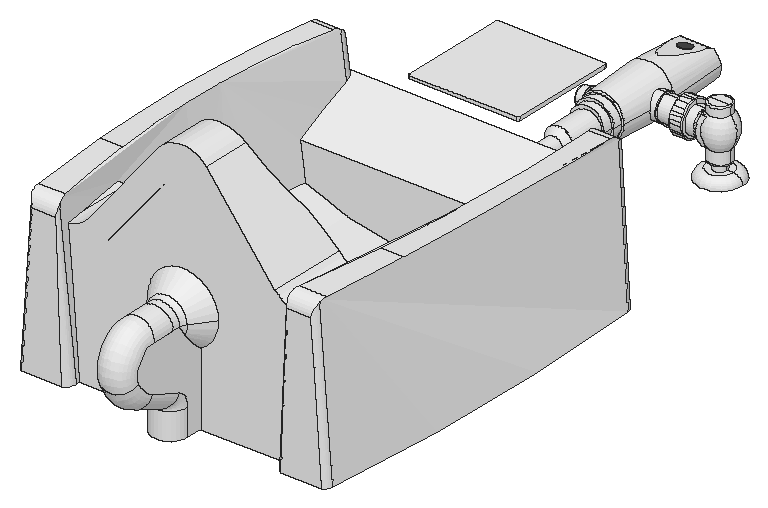
Revit family "Urinal_System-Top_Spud-American_Standard-Washbrook-6501_Series", category Plumbing Fixtures, host Face, Revit 2018 (continued)
Definition of nested family "Flush_Valve-Urinal_Exposed-American_Standard-Selectronic-6062.101"
  Lines and regions (in)
    symbolic lines, detail levels fine
      curve 23: spline (2.63644, -0.5878, 0) -> (2.63455, -0.57332, 0) -> (2.63297, -0.55881, 0) -> (2.6317, -0.54427, 0) -> (2.63072, -0.52972, 0) -> (2.63006, -0.51516, 0) -> (2.62969, -0.50059, 0) -> (2.62963, -0.48602, 0) -> (2.62987, -0.47144, 0) -> (2.63042, -0.45687, 0) -> (2.63127, -0.44232, 0) -> (2.63242, -0.42778, 0) -> (2.63388, -0.41326, 0)
      curve 24: spline (3.34147, -0.42795, 0) -> (3.34245, -0.44017, 0) -> (3.34323, -0.45241, 0) -> (3.34378, -0.46466, 0) -> (3.34413, -0.47691, 0) -> (3.34426, -0.48916, 0) -> (3.34417, -0.50142, 0) -> (3.34387, -0.51367, 0) -> (3.34335, -0.52592, 0) -> (3.34262, -0.53816, 0) -> (3.34168, -0.55038, 0) -> (3.34052, -0.5626, 0) -> (3.33914, -0.5748, 0)
      curve 25: line (2.67444, -0.919, 0) -> (3.29935, -0.919, 0)
      curve 26: line (2.6282, -0.97468, 0) -> (2.67444, -0.919, 0)
      curve 27: spline (3.29935, -0.919, 0) -> (3.30462, -0.92802, 0) -> (3.30965, -0.93627, 0) -> (3.31443, -0.94373, 0) -> (3.31896, -0.9504, 0) -> (3.32323, -0.95627, 0) -> (3.32724, -0.96132, 0) -> (3.33099, -0.96557, 0) -> (3.33446, -0.96899, 0) -> (3.33767, -0.97159, 0) -> (3.34059, -0.97336, 0) -> (3.34323, -0.97431, 0) -> (3.34559, -0.97443, 0)
      curve 28: line (3.29944, 0.91378, 0) -> (2.67463, 0.91378, 0)
      curve 29: line (3.35149, 0.96113, 0) -> (3.29944, 0.91378, 0)
      curve 30: spline (2.67463, 0.91378, 0) -> (2.66826, 0.92166, 0) -> (2.66223, 0.92883, 0) -> (2.65656, 0.93531, 0) -> (2.65125, 0.94106, 0) -> (2.64631, 0.94609, 0) -> (2.64176, 0.95039, 0) -> (2.63758, 0.95396, 0) -> (2.6338, 0.95678, 0) -> (2.63042, 0.95885, 0) -> (2.62743, 0.96018, 0) -> (2.62486, 0.96075, 0) -> (2.62269, 0.96058, 0)
      curve 40: line (-1.41083, 0.52425, 0) -> (-1.41083, 0.21724, 0)
      curve 41: line (-1.41083, -0.21724, 0) -> (-1.41083, -0.47039, 0)
      curve 44: spline (0, -1.08525, 0) -> (0.09706, -1.08282, 0) -> (0.1875, -1.07567, 0) -> (0.26517, -1.0643, 0) -> (0.32476, -1.04948, 0) -> (0.36222, -1.03222, 0) -> (0.375, -1.0137, 0) -> (0.36222, -0.99518, 0) -> (0.32476, -0.97792, 0) -> (0.26517, -0.9631, 0) -> (0.1875, -0.95173, 0) -> (0.09706, -0.94459, 0) -> (0, -0.94215, 0)
      curve 45: spline (0, -0.94215, 0) -> (-0.09706, -0.94459, 0) -> (-0.1875, -0.95173, 0) -> (-0.26517, -0.9631, 0) -> (-0.32476, -0.97792, 0) -> (-0.36222, -0.99518, 0) -> (-0.375, -1.0137, 0) -> (-0.36222, -1.03222, 0) -> (-0.32476, -1.04948, 0) -> (-0.26517, -1.0643, 0) -> (-0.1875, -1.07567, 0) -> (-0.09706, -1.08282, 0) -> (0, -1.08525, 0)
      curve 46: line (4.54091, -0.78534, 0) -> (4.68666, 0.78486, 0)
      curve 47: line (4.68666, 0.78486, 0) -> (4.0049, 0.78486, 0)
      curve 48: line (4.00582, -0.78534, 0) -> (4.54091, -0.78534, 0)
      curve 50: line (-0.14587, 1.97597, 0) -> (0.14587, 1.97597, 0)
      curve 51: line (-0.55751, 2.31157, 0) -> (0.55751, 2.31157, 0)
  Dimensions and locks (in)
    "Width": plane 19 to plane 18
    "Cold Water Connection Height": plane 4 to level
    "Length": plane 24 to plane 1 "Center (Front/Back)"  (x2)
    locked: plane 1 "Center (Front/Back)" to plane 29 at 1.60156
    locked: Revolve 7 sketch curve to Revolve 7 sketch curve at 0.5
    locked: plane 30 to plane 25 at 1.38806
    locked: plane 33 to plane 21 at 1
    locked: plane 35 to plane 25 at 2.22298
    locked: plane 32 to plane 31 at 0.75
    locked: plane 32 to plane 25 at 2.13806
    locked: plane 36 to plane 25 at 1.38806
    locked: plane 37 to plane 1 "Center (Front/Back)" at 0.75656
    locked: plane 1 "Center (Front/Back)" to plane 38 at 1.28113
    locked: plane 30 to plane 39 at 1.09132
    locked: plane 1 "Center (Front/Back)" to Revolve 6 sketch curve at 1.00656
    locked: Revolve 6 sketch curve to plane 39 at 0.56389
    locked: plane 35 to plane 34 at 0.9168
    "Cold Water Connection Width": plane 3 "Center (Left/Right)" to plane 25
    locked: Revolve 4 sketch curve to plane 25 at 0.47309
    locked: plane 25 to Masking region 1 sketch curve at 0.37341
    locked: Masking region 1 sketch curve to plane 25 at 0.37341
    locked: plane 20 to plane 25 at 0.5
    locked: plane 1 "Center (Front/Back)" to Masking region 1 sketch curve at 1.60156
    locked: Masking region 1 sketch curve to Masking region 1 sketch curve at 0.5
    locked: Masking region 1 sketch curve to Masking region 1 sketch curve at 1.25
    plane 40 to plane 4 = 4 5/8"
    locked: Extrusion 9 sketch curve to Extrusion 9 sketch curve at 2.95465
    plane 40 to plane 2 = 16 1/8"
    locked: plane 24 to Revolve 12 sketch curve at 0.19299
    locked: Revolve 12 sketch curve to Revolve 12 sketch curve at 0.32507
    locked: plane 24 to cut or joined group 1 (Revolve 1, Revolve 2, Revolve 3, Revolve 4, Extrusion 5, Revolve 6, Revolve 7, Extrusion 8, Extrusion 9, Extrusion 11, Revolve 12) at 0.19299
    locked: plane 24 to Masking region 1 sketch curve at 0.18843
    locked: plane 24 to Masking region 1 sketch curve at 0.52403
    equal spacing: Masking region 1 sketch curve, plane 3 "Center (Left/Right)", Masking region 1 sketch curve  (x3)
    locked: Masking region 1 sketch curve to Masking region 1 sketch curve at 2.5
    locked: Masking region 1 sketch curve to Masking region 1 sketch curve at 0.96875
    locked: Masking region 1 sketch curve to Masking region 1 sketch curve at 0.29173
    aligned and locked: Revolve 4 sketch curve to plane 27
    aligned and locked: plane 24 to Revolve 7 sketch curve
    aligned and locked: cut or joined group 1 to Revolve 7 sketch curve
    aligned and locked: plane 30 to Revolve 6 sketch curve
    aligned and locked: plane 31 to Revolve 2 sketch curve
    aligned and locked: Revolve 2 sketch curve to plane 33
    aligned and locked: Extrusion 8 to plane 35
    aligned and locked: plane 34 to Extrusion 8
    aligned and locked: plane 32 to Revolve 2 sketch curve
    aligned and locked: Revolve 6 to plane 36
    aligned and locked: cut or joined group 1 to plane 36
    aligned and locked: plane 25 to cut or joined group 1
    aligned and locked: plane 37 to Revolve 6 sketch curve
    aligned and locked: plane 1 "Center (Front/Back)" to Revolve 6 sketch curve
    aligned and locked: Revolve 6 sketch curve to plane 38
    aligned and locked: plane 39 to Revolve 6 sketch curve
    aligned and locked: Masking region 1 sketch curve to cut or joined group 1  (x6)
    aligned and locked: cut or joined group 1 to curve 4
    aligned and locked: curve 5 to cut or joined group 1
    aligned and locked: curve 6 to cut or joined group 1
    aligned and locked: cut or joined group 1 to curve 7
    aligned and locked: cut or joined group 1 to curve 8
    aligned and locked: curve 9 to cut or joined group 1
    aligned and locked: curve 12 to cut or joined group 1
    aligned and locked: curve 17 to cut or joined group 1
    aligned and locked: curve 20 to cut or joined group 1
    aligned and locked: curve 25 to cut or joined group 1
    aligned and locked: curve 28 to cut or joined group 1
    aligned and locked: curve 39 to cut or joined group 1
    aligned and locked: Masking region 1 sketch curve to Masking region 1 sketch curve  (x4)
    aligned and locked: Masking region 1 to curve 1
    aligned and locked: Masking region 1 to cut or joined group 1
    aligned and locked: Masking region 1 to curve 3
    aligned and locked: cut or joined group 1 to curve 40
    aligned and locked: cut or joined group 1 to curve 41
    aligned and locked: curve 42 to cut or joined group 1
    aligned and locked: curve 47 to cut or joined group 1
    aligned and locked: curve 48 to cut or joined group 1
    aligned and locked: Extrusion 11 to cut or joined group 1
    aligned and locked: Revolve 12 sketch curve to plane 24
    aligned and locked: Revolve 12 sketch curve to plane 1 "Center (Front/Back)"
    aligned and locked: curve 49 to Masking region 1
    aligned and locked: Masking region 1 to curve 49
    aligned and locked: curve 50 to Masking region 1  (x2)
    aligned and locked: Masking region 1 to curve 50
    aligned and locked: curve 51 to Masking region 1
  Automatic sketch dimensions
    plane 1 "Center (Front/Back)" to Revolve 2 sketch curve = 0"  (x2)
    Revolve 2 sketch curve to plane 3 "Center (Left/Right)" = 0"
    Revolve 2 sketch curve to plane 19 = 0"
    plane 19 to Revolve 2 sketch curve = 0.22285"
    Revolve 2 sketch curve to Revolve 2 sketch curve = 0.02499"
    plane 32 to Revolve 2 sketch curve = 1/16"
    Revolve 2 sketch curve to Revolve 2 sketch curve = 1/16"
    Revolve 2 sketch curve to plane 33 = 1/4"
    Revolve 2 sketch curve to Revolve 2 sketch curve = 0.03751"
    Revolve 2 sketch curve to Revolve 2 sketch curve = 0.50758"
    plane 23 to Revolve 3 sketch curve = 0"
    Revolve 3 sketch curve to plane 22 = 0"
    plane 22 to Revolve 3 sketch curve = 0.03704"
    Revolve 3 sketch curve to plane 23 = 0.11229"
    Revolve 3 sketch curve to plane 22 = 0.08731"
    plane 18 to Revolve 3 sketch curve = 0.00238"
    plane 18 to Revolve 3 sketch curve = 0.00463"
    plane 18 to Revolve 3 sketch curve = 0.02667"
    Revolve 3 sketch curve to plane 26 = 0.0096"
    Revolve 3 sketch curve to Revolve 3 sketch curve = 0.41269"
    plane 22 to Revolve 3 sketch curve = 0.05386"
    plane 23 to Revolve 3 sketch curve = 0.19568"
    Revolve 3 sketch curve to Revolve 3 sketch curve = 0.06623"
    Revolve 3 sketch curve to Revolve 3 sketch curve = 0"
    Revolve 4 sketch curve to plane 25 = 0"  (x2)
    Revolve 4 sketch curve to plane 28 = 0"
    Revolve 4 sketch curve to plane 27 = 1/16"
    Revolve 4 sketch curve to Revolve 4 sketch curve = 7/16"
    plane 1 "Center (Front/Back)" to Revolve 4 sketch curve = 3/128"
    Revolve 4 sketch curve to plane 28 = 3/4"
    Revolve 4 sketch curve to plane 28 = 1/16"
    plane 25 to Revolve 4 sketch curve = 9/16"
    plane 1 "Center (Front/Back)" to Revolve 4 sketch curve = 0.25029"
    Revolve 4 sketch curve to plane 1 "Center (Front/Back)" = 13/128"
    Extrusion 5 sketch curve to plane 27 = 0.61309"
    plane 1 "Center (Front/Back)" to Extrusion 5 sketch curve = 0.00364"  (x2)
    Extrusion 5 sketch curve to plane 1 "Center (Front/Back)" = 0.78486"
    plane 14 to Extrusion 5 sketch curve = 1.13603"
    Extrusion 5 sketch curve to plane 4 = 0.67463"
    Extrusion 5 sketch curve to Extrusion 5 sketch curve = 0.69196"
    plane 4 to Extrusion 5 sketch curve = 0.67201"
    plane 37 to Revolve 6 sketch curve = 0.08748"
    plane 34 to Revolve 6 sketch curve = 0.16061"
    Revolve 6 sketch curve to Revolve 6 sketch curve = 0.07183"
    Revolve 7 sketch curve to plane 25 = 0"  (x2)
    plane 25 to Revolve 7 sketch curve = 0.37341"
    Revolve 7 sketch curve to Revolve 7 sketch curve = 3/8"
    plane 24 to Revolve 7 sketch curve = 157/256"
    Revolve 7 sketch curve to Revolve 7 sketch curve = 99/256"
    Extrusion 8 sketch curve to plane 1 "Center (Front/Back)" = 0"
    Extrusion 8 sketch curve to plane 4 = 0"
    plane 4 to Extrusion 8 sketch curve = 0.09751"
    plane 4 to Extrusion 8 sketch curve = 0.14558"
    plane 1 "Center (Front/Back)" to Extrusion 8 sketch curve = 0.00394"
    Extrusion 8 sketch curve to Extrusion 8 sketch curve = 0.07262"
    Extrusion 8 sketch curve to plane 1 "Center (Front/Back)" = 0.59065"
    Extrusion 8 sketch curve to Extrusion 8 sketch curve = 0.64169"
    plane 4 to Extrusion 8 sketch curve = 0.80639"
    plane 1 "Center (Front/Back)" to Extrusion 8 sketch curve = 0.41981"
    Extrusion 8 sketch curve to Extrusion 8 sketch curve = 0.08406"
    Extrusion 8 sketch curve to plane 1 "Center (Front/Back)" = 0.41194"
    Extrusion 8 sketch curve to plane 4 = 0.10032"
    Extrusion 8 sketch curve to plane 4 = 0.14834"
    plane 1 "Center (Front/Back)" to Extrusion 8 sketch curve = 0.01938"
    Extrusion 8 sketch curve to Extrusion 8 sketch curve = 0.12026"
    Extrusion 8 sketch curve to plane 1 "Center (Front/Back)" = 0.6085"
    Extrusion 8 sketch curve to Extrusion 8 sketch curve = 0.61077"
    plane 1 "Center (Front/Back)" to Extrusion 8 sketch curve = 0.56786"
    Extrusion 8 sketch curve to Extrusion 8 sketch curve = 0.58437"
    plane 1 "Center (Front/Back)" to Extrusion 8 sketch curve = 0.40954"
    Extrusion 8 sketch curve to Extrusion 8 sketch curve = 0.09141"
    Extrusion 8 sketch curve to plane 1 "Center (Front/Back)" = 0.37077"
    Extrusion 8 sketch curve to Extrusion 8 sketch curve = 0.55487"
    Extrusion 8 sketch curve to Extrusion 8 sketch curve = 0.1456"
    Extrusion 8 sketch curve to plane 1 "Center (Front/Back)" = 0.22017"
    plane 27 to Extrusion 9 sketch curve = 0.04978"
    Extrusion 9 sketch curve to plane 27 = 0.54388"
    Extrusion 9 sketch curve to plane 40 = 0.35348"
    Extrusion 9 sketch curve to Extrusion 9 sketch curve = 0.0505"
    Extrusion 9 sketch curve to Extrusion 9 sketch curve = 0.01085"
    Extrusion 9 sketch curve to Extrusion 9 sketch curve = 0.04962"
    plane 4 to Extrusion 9 sketch curve = 1.16778"
    plane 40 to Extrusion 9 sketch curve = 0.05392"
    Extrusion 10 sketch curve to Extrusion 9 = 0.79456"
    Extrusion 9 to Extrusion 10 sketch curve = 1 7/16"
    Revolve 1 sketch curve to level = 0"
    plane 7 to Revolve 1 sketch curve = 0"
    Revolve 1 sketch curve to plane 14 = 0"
    Revolve 1 sketch curve to plane 40 = 0"
    plane 26 to Revolve 1 sketch curve = 0"
    Revolve 1 sketch curve to plane 26 = 0"
    Revolve 1 sketch curve to plane 12 = 0"
    plane 13 to Revolve 1 sketch curve = 0"
    Revolve 1 sketch curve to plane 5 = 0"
    Revolve 1 sketch curve to plane 8 = 0"
    Revolve 1 sketch curve to plane 3 "Center (Left/Right)" = 0"  (x2)
    Revolve 1 sketch curve to plane 10 = 0"
    plane 7 to Revolve 1 sketch curve = 0.00317"
    Revolve 1 sketch curve to plane 17 = 0.01004"
    Revolve 1 sketch curve to plane 7 = 0.02362"
    Revolve 1 sketch curve to plane 7 = 0.05924"
    plane 26 to Revolve 1 sketch curve = 0.03897"
    Revolve 1 sketch curve to plane 13 = 0.08392"
    plane 11 to Revolve 1 sketch curve = 5/64"
    plane 6 to Revolve 1 sketch curve = 0.11429"
    plane 5 to Revolve 1 sketch curve = 1/4"
    plane 14 to Revolve 1 sketch curve = 0.05916"
    Revolve 1 sketch curve to plane 15 = 3/16"
    Revolve 1 sketch curve to Revolve 1 sketch curve = 1/16"
    plane 9 to Revolve 1 sketch curve = 0.01183"
    Revolve 1 sketch curve to Revolve 1 sketch curve = 5/8"
    plane 9 to Revolve 1 sketch curve = 3/4"
    Extrusion 11 sketch curve to plane 40 = 0"
    Extrusion 11 sketch curve to plane 40 = 0.11501"
    Extrusion 11 sketch curve to plane 18 = 10.18855"
    Extrusion 11 sketch curve to Extrusion 11 sketch curve = 29/256"
    Extrusion 11 sketch curve to plane 4 = 1 131/256"
    Extrusion 11 sketch curve to plane 18 = 4.05183"  (x2)
    Extrusion 11 sketch curve to plane 40 = 29/256"
    Revolve 12 sketch curve to plane 41 = 0"  (x2)
    Revolve 12 sketch curve to plane 40 = 0"
    Revolve 12 sketch curve to plane 40 = 0.05496"
    Revolve 12 sketch curve to Revolve 12 sketch curve = 0.06518"
    plane 41 to Revolve 12 sketch curve = 0.14219"
    Revolve 12 sketch curve to Revolve 12 sketch curve = 0.05425"
    Revolve 12 sketch curve to Revolve 12 sketch curve = 0.28027"
    Revolve 12 sketch curve to plane 24 = 1/4"
    Revolve 12 sketch curve to Revolve 12 sketch curve = 1/4"
    Masking region 1 sketch curve to Masking region 1 sketch curve = 0"  (x4)
    Masking region 1 sketch curve to plane 36 = 0"  (x2)
    Masking region 1 sketch curve to plane 24 = 0"
    Masking region 1 sketch curve to plane 18 = 0.48634"
    Masking region 1 sketch curve to Masking region 1 sketch curve = 0.10794"  (x2)
    Masking region 1 sketch curve to Masking region 1 sketch curve = 0.0126"  (x2)
    plane 18 to Masking region 1 sketch curve = 0.00151"  (x2)
    plane 18 to Masking region 1 sketch curve = 1/256"  (x2)
    plane 18 to Masking region 1 sketch curve = 0.02667"
    Masking region 1 sketch curve to Masking region 1 sketch curve = 0.02278"
    Masking region 1 sketch curve to Masking region 1 sketch curve = 0.06336"  (x2)
    Masking region 1 sketch curve to Masking region 1 sketch curve = 0.04095"  (x2)
    plane 6 to Masking region 1 sketch curve = 0.18251"
    plane 6 to Masking region 1 sketch curve = 0.04399"
    Masking region 1 sketch curve to Masking region 1 sketch curve = 0.06539"
    Masking region 1 sketch curve to Masking region 1 sketch curve = 0.07313"
    Masking region 1 sketch curve to plane 19 = 0.21081"  (x2)
    plane 19 to Masking region 1 sketch curve = 0.22337"
    plane 19 to Masking region 1 sketch curve = 0.22553"
    Masking region 1 sketch curve to Masking region 1 sketch curve = 0.02232"
    Masking region 1 sketch curve to Masking region 1 sketch curve = 0.02448"  (x2)
    plane 35 to Masking region 1 sketch curve = 0.08492"  (x2)
    Masking region 1 sketch curve to Masking region 1 sketch curve = 0.02016"
    Masking region 1 sketch curve to plane 36 = 0.02024"
    plane 34 to Masking region 1 sketch curve = 0.05777"
    Masking region 1 sketch curve to plane 20 = 0.37025"  (x2)
    Masking region 1 sketch curve to Masking region 1 sketch curve = 0.00832"  (x2)
    Masking region 1 sketch curve to Masking region 1 sketch curve = 0.11682"  (x2)
    Masking region 1 sketch curve to Masking region 1 sketch curve = 0.03882"
    Masking region 1 sketch curve to Masking region 1 sketch curve = 0.06986"
    Masking region 1 sketch curve to Masking region 1 sketch curve = 0.05025"
    Masking region 1 sketch curve to plane 20 = 1/8"
    Masking region 1 sketch curve to plane 20 = 1/16"  (x2)
    plane 20 to Masking region 1 sketch curve = 0.01859"
    Masking region 1 sketch curve to Masking region 1 sketch curve = 0.06287"
    Masking region 1 sketch curve to plane 27 = 0.00128"
    plane 25 to Masking region 1 sketch curve = 9/16"
    Masking region 1 sketch curve to Masking region 1 sketch curve = 1/16"
    Masking region 1 sketch curve to Masking region 1 sketch curve = 3/8"
    Masking region 1 sketch curve to plane 27 = 0.36086"
    Masking region 1 sketch curve to plane 27 = 0.42247"
    Masking region 1 sketch curve to Masking region 1 sketch curve = 0.13914"
    Masking region 1 sketch curve to Masking region 1 sketch curve = 0.43622"
    Masking region 1 sketch curve to Masking region 1 sketch curve = 0.11358"
    plane 1 "Center (Front/Back)" to Masking region 1 sketch curve = 0.74943"
    Masking region 1 sketch curve to Masking region 1 sketch curve = 0.03724"
    Masking region 1 sketch curve to Masking region 1 sketch curve = 0.07603"
    Masking region 1 sketch curve to Masking region 1 sketch curve = 0.03993"
    plane 1 "Center (Front/Back)" to Masking region 1 sketch curve = 3/128"
    Masking region 1 sketch curve to plane 1 "Center (Front/Back)" = 0.38735"
    Masking region 1 sketch curve to Masking region 1 sketch curve = 0.05338"
    Masking region 1 sketch curve to Masking region 1 sketch curve = 0.03961"
    Masking region 1 sketch curve to Masking region 1 sketch curve = 0.08764"
    Masking region 1 sketch curve to Masking region 1 sketch curve = 0.02916"
    Masking region 1 sketch curve to Masking region 1 sketch curve = 0.06671"
    Masking region 1 sketch curve to Masking region 1 sketch curve = 0.18685"
    Masking region 1 sketch curve to plane 1 "Center (Front/Back)" = 0.66805"
    curve 49 to plane 3 "Center (Left/Right)" = 0"
    curve 45 to plane 3 "Center (Left/Right)" = 0"
    curve 36 to plane 26 = 0.21869"
    curve 36 to plane 19 = 0.53118"
    curve 7 to curve 12 = 0.06166"
    plane 35 to curve 17 = 0.14689"
    curve 7 to curve 20 = 0.06226"
    plane 35 to curve 9 = 0.14736"
    plane 35 to curve 26 = 0.14742"
    plane 35 to curve 28 = 0.14762"
    curve 12 to curve 16 = 0.14983"
    curve 25 to plane 36 = 0.06258"
    curve 28 to plane 36 = 1/16"
    curve 9 to plane 36 = 1/16"
    curve 17 to plane 36 = 0.06243"
    curve 12 to plane 36 = 0.0619"
    curve 20 to curve 8 = 0.06171"
    curve 10 to plane 36 = 0.01774"
    curve 46 to plane 25 = 0.20909"
    curve 46 to plane 25 = 0.06334"
    plane 25 to curve 1 = 0.37341"
    curve 36 to plane 27 = 0.54388"
    curve 49 to plane 1 "Center (Front/Back)" = 0.39812"
    curve 9 to curve 10 = 0.29795"
    curve 16 to curve 12 = 0.24142"
    curve 40 to curve 39 = 0.06336"
    curve 41 to curve 39 = 0.06336"
    plane 1 "Center (Front/Back)" to curve 33 = 0.01281"
    plane 26 to curve 33 = 0.11048"
    curve 33 to curve 32 = 0.00011"
    curve 32 to plane 1 "Center (Front/Back)" = 0.02418"
    curve 32 to curve 32 = 0.00045"
    curve 37 to curve 36 = 0.04538"
    curve 37 to curve 33 = 0.00322"
    curve 37 to curve 37 = 0.00238"
    plane 6 to curve 32 = 0.3638"
    plane 6 to curve 51 = 0.18251"
    plane 1 "Center (Front/Back)" to curve 34 = 0.01281"
    curve 34 to plane 3 "Center (Left/Right)" = 0.03097"
    curve 34 to curve 35 = 0.00481"
    curve 31 to plane 3 "Center (Left/Right)" = 0"
    plane 3 "Center (Left/Right)" to curve 32 = 0.02617"
    curve 32 to curve 33 = 0.00481"
    plane 3 "Center (Left/Right)" to curve 44 = 3/8"
    curve 45 to curve 44 = 0"
    curve 50 to curve 51 = 0.41164"
    curve 35 to plane 19 = 0.69869"
    curve 38 to curve 36 = 0.00242"
    curve 38 to curve 38 = 0.04226"
    curve 38 to curve 38 = 0.00301"
    curve 42 to plane 19 = 0.21466"
    curve 42 to plane 19 = 0.21081"
    curve 34 to plane 1 "Center (Front/Back)" = 0.02423"
    curve 34 to plane 19 = 0.20258"
    plane 1 "Center (Front/Back)" to curve 35 = 0.00903"
    curve 34 to curve 35 = 0.00045"
    curve 35 to curve 34 = 0.00011"
    curve 34 to curve 31 = 0.05436"
    curve 24 to plane 35 = 0.11436"
    curve 30 to curve 30 = 0.05295"
    curve 30 to curve 30 = 0.001"
    plane 35 to curve 15 = 0.09905"
    curve 26 to curve 25 = 0.04624"
    curve 15 to curve 15 = 0.00292"
    plane 35 to curve 23 = 0.1026"
    curve 23 to curve 18 = 0.00426"
    curve 7 to curve 15 = 0.02308"
    curve 23 to curve 23 = 0.00682"
    curve 13 to curve 13 = 0.00882"
    curve 12 to curve 11 = 0.00553"
    curve 23 to curve 21 = 0.10011"
    curve 25 to curve 22 = 0.14794"
    curve 11 to plane 1 "Center (Front/Back)" = 0.0456"
    curve 11 to curve 11 = 45/256"
    curve 22 to curve 18 = 0.0355"
    curve 21 to curve 22 = 0.17841"
    curve 16 to curve 30 = 0.09171"
    curve 30 to curve 13 = 0.12169"
    curve 13 to curve 14 = 0.01262"
    curve 22 to curve 27 = 0.18691"
    plane 1 "Center (Front/Back)" to curve 19 = 0.06906"
    curve 27 to curve 19 = 0.00003"
    curve 14 to curve 28 = 0.11505"
    curve 21 to curve 25 = 0.09285"
    curve 18 to curve 19 = 0.05414"
    curve 19 to curve 20 = 0.01628"
    curve 21 to plane 36 = 0.0228"
    curve 14 to plane 36 = 0.02157"
    curve 24 to plane 36 = 0.02047"
    curve 24 to plane 36 = 0.01768"
    curve 27 to plane 36 = 0.01635"
    curve 27 to curve 27 = 0.00109"
    curve 29 to plane 36 = 0.01045"
    plane 34 to curve 23 = 0.11739"
    plane 34 to curve 15 = 0.22891"
    curve 47 to plane 20 = 0.2451"
    curve 48 to plane 20 = 0.24418"
    curve 5 to plane 20 = 1/8"
    curve 6 to plane 20 = 1/8"
    plane 20 to curve 3 = 0.12659"
    plane 20 to curve 1 = 0.12659"
    plane 25 to curve 5 = 5/8"
    plane 25 to curve 6 = 5/8"
    curve 22 to curve 25 = 1/128"
    curve 44 to plane 27 = 0.45629"
    curve 27 to curve 25 = 0.05517"
    curve 26 to curve 25 = 0.05568"
    curve 44 to curve 44 = 0.07155"
    curve 25 to curve 21 = 0.03092"
    curve 22 to curve 18 = 0.04413"
    curve 20 to curve 8 = 0.01326"
    curve 20 to curve 7 = 0.07007"
    curve 42 to curve 4 = 0.06193"
    curve 39 to curve 41 = 0.00074"
    curve 31 to curve 34 = 0.04953"
    curve 30 to curve 16 = 0.063"
    curve 10 to curve 15 = 0.07523"
    curve 39 to curve 40 = 0.05312"
    curve 4 to curve 42 = 0.06819"
    curve 7 to curve 13 = 0.02813"
    curve 12 to curve 8 = 0.0241"
    curve 28 to curve 29 = 0.04735"
    curve 32 to curve 49 = 0.4411"
    radius of Extrusion 8 sketch curve = 1.06968"
    radius of Extrusion 10 sketch curve = 3/8"
  Connectors (in)
    piping at (4.75, 2.5, 11.5), diameter 0.75, driven by "Cold Water Connection Radius", driven by "CWFU"
      settings: on cut or joined group 1, index 1, connector inside diameter 24", connector length 0", flow factor 0, pipe flow 0 GPM, pressure drop 0.00 psi, fitting loss kfactor 0, connector angle 0.00°, fixture units 5, engagement length 0", angle of deflection 0.00°, flow configuration 3, flow direction 1, fitting loss method 0, system type 20, joint type 0, gender type 0, connector reference index -1, connector utility 0, adjustable connector no, is connector primary yes, connector description "3/4\" I.P.S Supply Inlet"
    electrical at (-8.50083, 2.5, 12.99978), driven by "Voltage"
      settings: on cut or joined group 1, index 2, voltage 240 V, apparent load 0 VA, apparent load phase1 0 VA, apparent load phase2 0 VA, apparent load phase3 0 VA, power factor 1, load classification none, number of poles 1, system type 30, power factor state 1, is connector primary yes, connector utility no, sub classification motor no, connector description "100 - 200 VAC Power Supply"
Types (4): name | Product Page URL | Product Documentation Link | Model | Flushvalve | Description
  (no name) | "https://www.americanstandard-us.com/bathroom/urinals/washbrook-10-gpf-washout-top-spud-urinal-with-selectronic-exposed-ac-flush-valve-system-22797?variant=white" | "https://www.americanstandard-us.com/-/media/sites/asus/files/product-specs/bulk/specsheet6501615.pdf?la=en" | "6501.615.020" | Flush_Valve-Urinal_Exposed-American_Standard-Selectronic-6062.101 : 6062.101.002 | "1.0 gpf Exposed Top Spud Urinal and Selectronic® Exposed AC Urinal Flush Valve"
  6501.511.020 | "https://www.americanstandard-us.com/bathroom/urinals/washbrook-10-gpf-washout-top-spud-urinal-with-manual-flush-valve-system-22064" | "https://www.americanstandard-us.com/-/media/sites/asus/files/product-specs/urinals/spec-6501511-washbrook-urinal.pdf?la=en" | "6501.511.020" | Flush_Valve-Urinal-American_Standard-Exposed-Top_Spud-Manual_Series : 6045.101 | "1.0 gpf Exposed Top Spud Urinal and Manual Piston-Type Urinal Flush Valve"
  6501.610.020 | "https://www.americanstandard-us.com/bathroom/urinals/washbrook-10-gpf-washout-top-spud-urinal-with-selectronic-battery-flush-valve-system-22054" | "https://www.americanstandard-us.com/-/media/sites/asus/files/product-specs/urinals/spec-6501610-washbrook-urinal.pdf?la=en" | "6501.610.020" | Flush_Valve-Urinal_Exposed-American_Standard-Selectronic_Series : 6063.101.002 | "1.0 gpf Exposed Top Spud Urinal and Selectronic® Urinal Flush Valve"
  6501.615.020 | "https://www.americanstandard-us.com/bathroom/urinals/washbrook-10-gpf-washout-top-spud-urinal-with-selectronic-exposed-ac-flush-valve-system-22797?variant=white" | "https://www.americanstandard-us.com/-/media/sites/asus/files/product-specs/bulk/specsheet6501615.pdf?la=en" | "6501.615.020" | Flush_Valve-Urinal_Exposed-American_Standard-Selectronic-6062.101 : 6062.101.002 | "1.0 gpf Exposed Top Spud Urinal and Selectronic® Exposed AC Urinal Flush Valve"
